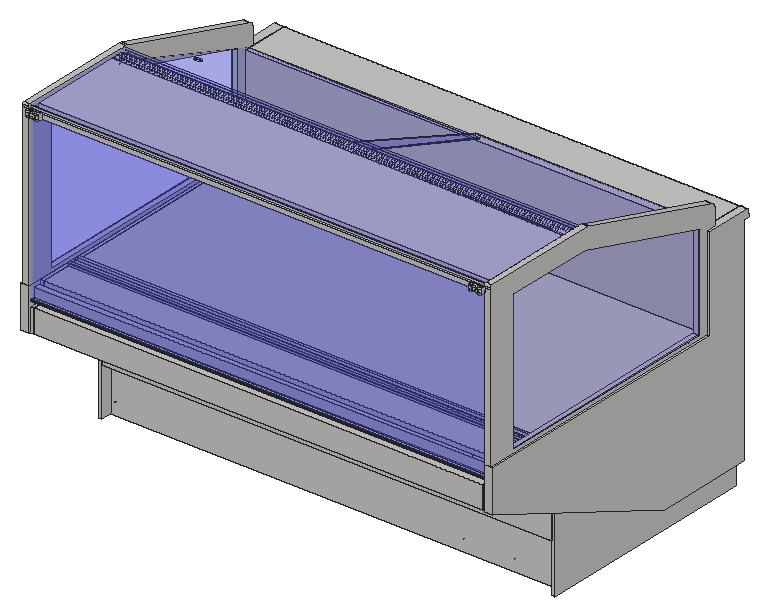
Revit family "QF_OSCARTEK_LA_CROSSE_DP1650_cat", category Specialty Equipment, Revit 2026
Family settings
  Round Connector Dimension = Use Diameter
  Part Type = Normal
  Work Plane-Based = No
  Enable Cutting in Views = No
  Always vertical = Yes
  Cut with Voids When Loaded = No
  Maintain Annotation Orientation = No
  Shared = No
  Room Calculation Point = No
Parameters
  Weight in Pounds = 639
  Watts = 650 W
  Waste Water Discharge Temperature = 0 °F
  Volts = 120 V
  URL Cutsheet = ""
  Specification by User = ""
  Specification by Manufacturer = ""
  Show Panels [instance] = yes
  Show Clearance [instance] = yes
  Serial Number = ""
  Seismic Rating = ""
  SMACNA No = ""
  Revision Code = ""
  Refrigerant Volume = 0.00 kip
  Refrigerant Type = "R404A"
  Phase = 1
  Pan Length [instance] = 6.281"
  Number of Poles = 1
  No. of Pan [instance] = 6
  NAFEM Spec ID Number = ""
  Model = "PERFORMER PDP1650"
  Min Ckt Ampacity = 0 A
  Max Overcurrent Protection = 0 A
  Masterspec = ""
  Manufacturer = "OSCARTEK"
  Length = 67 5/16"
  Item Number = ""
  Installed By = ""
  Indirect Waste Size = 1/4"
  Indirect Waste Flow = 0 GPM
  Indirect Waste Connection Type = ""
  Indirect Waste Connection Height = 0"
  Identify Quantity as Lot = yes
  Height = 45 1/4"
  HP = ""
  Furnished By = ""
  Foodservice Equipment Identifier = yes
  FL Amps = 4 A
  Electrical Remarks = ""
  Electric Connection Type = ""
  Elec Conn RI Height = 0"
  Elec Conn Connection Height = 0"
  Description = "PERFORMER DELI/PASTRY"
  Depth = 45 3/8"
  Default Elevation = 0"
  Cycle = 60 Hz
  Conn Plug = ""
  Conn Conduit = yes
  CSI MasterFormat = ""
  BTUH = 3330.0 Btu/h
  Apparent Power = 0 VA
Reference planes (in)
  plane 1 "BACK": y = 0
  plane 2: z = 0
  plane 3 "LEFT": x = 0
  plane 4 "RIGHT": x = 67.3125
  plane 5 "FRONT": y = -45.375
  plane 6 "TOP": z = 45.25
  plane 7 "Center Y": x = 33.65625
  plane 8 "Center X": y = -22.6875
  plane 9: x = 66.9375
  plane 10: z = 45.375
  plane 11: x = 0.375
  plane 12: y = -22.71965
  plane 13: y = -7.45169
  plane 14: x = 3.59375
  plane 15: x = 63.71875
  plane 16: x = 66.12552
  plane 17: x = 1.18698
  plane 18: y = -2.78789
  plane 19: z = 15.3125
Forms (in)
  Extrusion 1, solid, material "QF_Metal - Stainless - Polished"
    sketch origin (0, 0, 0) x (0, 1, 0) y (0, 0, 1)
      loop
        line (-6.875, 22.24957) -> (-43.33357, 22.24957) -> (-43.33357, 20.45949) -> (-43.88753, 19.5) -> (-45.16826, 19.5) -> (-45.16826, 16.20686) -> (-32.90949, 11.10402) -> (-32.90949, 6.9375) -> (-32.3188, 6.9375) -> (-32.3188, 7.33129) -> (-32.3507, 7.33129) -> (-32.3507, 6.96507) -> (-32.87824, 6.96507) -> (-32.87824, 11.12088) -> (-41.46031, 14.69324) -> (-41.16838, 15.39455) -> (-30.97005, 11.06562) -> (-6.875, 14.45596) -> (-6.875, 22.24957)
    from 1.68698 to 65.62552
  Extrusion 2, solid, material "QF_Metal - Stainless - Polished"
    sketch origin (0, 0, 0) x (0, 1, 0) y (0, 0, 1)
      loop
        line (-30.91289, 11.0783) -> (-30.91289, 2.08664) -> (-29.33771, 2.08664) -> (-29.33771, 1.29905) -> (-4.39457, 1.29905) -> (-4.39457, 1.9685)
        arc (-4.39457, 1.9685) -> (-4.35997, 2.05204) -> (-4.27643, 2.08664) r 0.11814
        line (-4.27643, 2.08664) -> (-3.06354, 2.08664) -> (-3.06354, 14.99227) -> (-30.91289, 11.0783)
    from 1.68698 to 65.62552
  Extrusion 3, solid, material "QF_Metal - Stainless - Polished"
    sketch origin (0, -0.06283, 0) x (0, 1, 0) y (0, 0, 1)
      loop
        line (-30.73192, 1.29905) -> (-29.39302, 1.29905)
        arc (-29.39302, 1.29905) -> (-29.30948, 1.33365) -> (-29.27488, 1.41719) r 0.11814
        line (-29.27488, 1.41719) -> (-29.27488, 1.9685)
        arc (-29.27488, 1.9685) -> (-29.30948, 2.05204) -> (-29.39302, 2.08664) r 0.11814
        line (-29.39302, 2.08664) -> (-30.73192, 2.08664)
        arc (-30.73192, 2.08664) -> (-30.81546, 2.05204) -> (-30.85006, 1.9685) r 0.11814
        line (-30.85006, 1.9685) -> (-30.85006, 1.41719)
        arc (-30.85006, 1.41719) -> (-30.81546, 1.33365) -> (-30.73192, 1.29905) r 0.11814
      loop
        line (-29.39302, 2.00788) -> (-30.73192, 2.00788)
        arc (-30.73192, 2.00788) -> (-30.75977, 1.99635) -> (-30.7713, 1.9685) r 0.03938
        line (-30.7713, 1.9685) -> (-30.7713, 1.41719)
        arc (-30.7713, 1.41719) -> (-30.75977, 1.38934) -> (-30.73192, 1.37781) r 0.03938
        line (-30.73192, 1.37781) -> (-29.39302, 1.37781)
        arc (-29.39302, 1.37781) -> (-29.36517, 1.38934) -> (-29.35364, 1.41719) r 0.03938
        line (-29.35364, 1.41719) -> (-29.35364, 1.9685)
        arc (-29.35364, 1.9685) -> (-29.36517, 1.99635) -> (-29.39302, 2.00788) r 0.03938
      loop
        line (-4.2136, 1.29905) -> (-2.8747, 1.29905)
        arc (-2.8747, 1.29905) -> (-2.79117, 1.33365) -> (-2.75656, 1.41719) r 0.11814
        line (-2.75656, 1.41719) -> (-2.75656, 1.9685)
        arc (-2.75656, 1.9685) -> (-2.79117, 2.05204) -> (-2.8747, 2.08664) r 0.11814
        line (-2.8747, 2.08664) -> (-4.2136, 2.08664)
        arc (-4.2136, 2.08664) -> (-4.29714, 2.05204) -> (-4.33174, 1.9685) r 0.11814
        line (-4.33174, 1.9685) -> (-4.33174, 1.41719)
        arc (-4.33174, 1.41719) -> (-4.29714, 1.33365) -> (-4.2136, 1.29905) r 0.11814
      loop
        line (-4.2136, 1.37781) -> (-2.8747, 1.37781)
        arc (-2.8747, 1.37781) -> (-2.84686, 1.38934) -> (-2.83532, 1.41719) r 0.03938
        line (-2.83532, 1.41719) -> (-2.83532, 1.9685)
        arc (-2.83532, 1.9685) -> (-2.84686, 1.99635) -> (-2.8747, 2.00788) r 0.03938
        line (-2.8747, 2.00788) -> (-4.2136, 2.00788)
        arc (-4.2136, 2.00788) -> (-4.24145, 1.99635) -> (-4.25298, 1.9685) r 0.03938
        line (-4.25298, 1.9685) -> (-4.25298, 1.41719)
        arc (-4.25298, 1.41719) -> (-4.24145, 1.38934) -> (-4.2136, 1.37781) r 0.03938
    from 1.68698 to 65.62552
  Extrusion 4, solid, material "QF_Metal - Stainless - Polished"
    sketch origin (0, 0, 0) x (0, 1, 0) y (0, 0, 1)
      loop
        line (-31.30668, 6.81218) -> (-31.30668, 0) -> (-30.91289, 0) -> (-30.91289, 6.81218) -> (-31.30668, 6.81218)
    from 1.68698 to 65.62552
  Extrusion 5, solid, material "QF_Metal - Stainless - Polished"
    sketch origin (67.3125, 0, 0) x (0, -1, 0) y (0, 0, 1)
      loop
        line (28.4499, 42.57314) -> (8.37911, 36.39332)
        arc (8.37911, 36.39332) -> (8.27866, 36.3221) -> (8.24015, 36.20514) r 0.1969
        line (8.24015, 36.20514) -> (8.24015, 22.73454) -> (41.40752, 22.73454) -> (41.40752, 42.57314) -> (28.4499, 42.57314)
      loop
        line (5.41468, 37.54341) -> (5.41468, 35.4375) -> (6.875, 35.4375) -> (6.875, 22.24957) -> (45.375, 22.24957) -> (45.375, 44.89259) -> (45.375, 45.1464)
        arc (45.375, 45.1464) -> (45.30805, 45.30805) -> (45.1464, 45.375) r 0.2286
        line (45.1464, 45.375) -> (28.13851, 45.375)
        arc (28.13851, 45.375) -> (27.95017, 45.36091) -> (27.76602, 45.31895) r 1.2658
        line (27.76602, 45.31895) -> (6.26864, 38.69988)
        arc (6.26864, 38.69988) -> (5.65131, 38.26221) -> (5.41468, 37.54341) r 1.21004
    from 0.375 to 1.18698
  Extrusion 6, solid, material "QF_Metal - Stainless - Polished", visible <- "Show Panels"
    sketch origin (67.3125, 0, 0) x (0, -1, 0) y (0, 0, 1)
      loop
        line (6.875, 35.4375) -> (0.03127, 35.4375)
        arc (0.03127, 35.4375) -> (0.00916, 35.42834) -> (0, 35.40623) r 0.03127
        line (0, 35.40623) -> (0, 34.3587)
        arc (0, 34.3587) -> (0.01157, 34.33078) -> (0.03949, 34.31921) r 0.03949
        line (0.03949, 34.31921) -> (0.78759, 34.31921) -> (0.78759, 3.62384) -> (14.93951, 3.62384) -> (45.375, 16.29292) -> (45.375, 22.24957) -> (6.875, 22.24957) -> (6.875, 35.4375)
    from 0 to 1.18698
  Extrusion 7, solid, material "QF_Metal - Stainless - Polished"
    sketch origin (0, 0, 0) x (0, 1, 0) y (0, 0, 1)
      loop
        line (-44.36885, 44.24283) -> (-44.36885, 44.78627)
        arc (-44.36885, 44.78627) -> (-44.37936, 44.8112) -> (-44.4043, 44.82171) r 0.03589
        line (-44.4043, 44.82171) -> (-45.33956, 44.82171)
        arc (-45.33956, 44.82171) -> (-45.36462, 44.81133) -> (-45.375, 44.78627) r 0.03544
        line (-45.375, 44.78627) -> (-45.375, 44.24283) -> (-45.18795, 44.24283) -> (-45.18795, 44.79415) -> (-44.40036, 44.79415) -> (-44.40036, 44.24283) -> (-44.36885, 44.24283)
      loop
        line (-44.38067, 20.35918) -> (-45.16826, 20.35918) -> (-45.16826, 20.25) -> (-43.78998, 20.25) -> (-43.78998, 21.77684) -> (-44.38067, 21.77684) -> (-44.38067, 20.35918)
      loop
        line (-44.28222, 21.67839) -> (-44.28222, 20.35918) -> (-43.88842, 20.35918) -> (-43.88842, 21.67839) -> (-44.28222, 21.67839)
    from 1.18698 to 66.12552
  Extrusion 8, solid, material "Glass"
    sketch origin (0, 0, 0) x (0, 1, 0) y (0, 0, 1)
      loop
        line (-44.95167, 44.79415) -> (-45.18795, 44.79415) -> (-45.18795, 20.37887) -> (-44.95167, 20.37887) -> (-44.95167, 44.79415)
      loop
        line (-44.63663, 20.37887) -> (-44.40036, 20.37887) -> (-44.40036, 44.79415) -> (-44.63663, 44.79415) -> (-44.63663, 20.37887)
    from 1.18698 to 66.12552
  Extrusion 9, solid, material "Glass"
    sketch origin (66.9375, 0, 0) x (0, 1, 0) y (0, 0, 1)
      loop
        line (-41.40752, 42.57314) -> (-41.40752, 22.73454) -> (-8.24015, 22.73454) -> (-8.24015, 36.20514)
        arc (-8.24015, 36.20514) -> (-8.27866, 36.3221) -> (-8.37911, 36.39332) r 0.1969
        line (-8.37911, 36.39332) -> (-28.4499, 42.57314) -> (-41.40752, 42.57314)
    from 0 to -0.125
  Extrusion 10, solid, material "Glass"
    sketch origin (0, 0, 0) x (0, 1, 0) y (0, 0, 1)
      loop
        line (-45.24702, 44.89259) -> (-28.31384, 44.89259) -> (-28.31384, 45.25) -> (-45.24702, 45.25) -> (-45.24702, 44.89259)
    from 1.18698 to 66.12552
  Extrusion 11, solid, material "QF_Metal - Stainless - Polished"
    sketch origin (0, 0, 0) x (0, 1, 0) y (0, 0, 1)
      loop
        line (-43.78998, 44.26252) -> (-42.76611, 44.26252) -> (-42.76611, 43.3371) -> (-41.58473, 43.3371) -> (-41.58473, 42.92362) -> (-31.24542, 42.92362) -> (-30.55847, 43.61057) -> (-30.55847, 44.89259) -> (-43.78998, 44.89259) -> (-43.78998, 44.26252)
    from 1.18698 to 66.12552
  Extrusion 12, solid, material "QF_Metal - Stainless - Polished"
    sketch origin (0, 0, 0) x (0, 1, 0) y (0, 0, 1)
      loop
        line (-30.25533, 44.80399) -> (-30.25533, 44.75289)
        arc (-30.25533, 44.75289) -> (-30.28999, 44.7093) -> (-30.33358, 44.74397) r 0.03938
        arc (-30.33358, 44.74397) -> (-30.45078, 44.7849) -> (-30.40985, 44.6677) r 0.06891
        arc (-30.40985, 44.6677) -> (-30.37518, 44.62412) -> (-30.41877, 44.58945) r 0.03938
        line (-30.41877, 44.58945) -> (-30.46987, 44.58945) -> (-30.46987, 43.9986)
        arc (-30.46987, 43.9986) -> (-30.4641, 43.98468) -> (-30.45018, 43.97891) r 0.01969
        line (-30.45018, 43.97891) -> (-29.90187, 43.97891)
        arc (-29.90187, 43.97891) -> (-29.8859, 43.9885) -> (-29.88408, 44.00704) r 0.02073
        arc (-29.88408, 44.00704) -> (-29.89591, 44.04574) -> (-29.90212, 44.08573) r 0.28403
        arc (-29.90212, 44.08573) -> (-29.86308, 44.12849) -> (-29.82337, 44.08635) r 0.03949
        arc (-29.82337, 44.08635) -> (-29.6385, 44.01063) -> (-29.71422, 44.19549) r 0.10829
        arc (-29.71422, 44.19549) -> (-29.75329, 44.23518) -> (-29.71361, 44.27425) r 0.03938
        arc (-29.71361, 44.27425) -> (-29.67327, 44.26953) -> (-29.63491, 44.25621) r 0.18705
        arc (-29.63491, 44.25621) -> (-29.61595, 44.25736) -> (-29.60678, 44.274) r 0.01969
        line (-29.60678, 44.274) -> (-29.60678, 44.7843)
        arc (-29.60678, 44.7843) -> (-29.61255, 44.79822) -> (-29.62647, 44.80399) r 0.01969
        line (-29.62647, 44.80399) -> (-30.25533, 44.80399)
      loop
        line (-29.22284, 44.34625) -> (-29.50832, 44.34625)
        arc (-29.50832, 44.34625) -> (-29.52226, 44.35203) -> (-29.52803, 44.36596) r 0.01971
        line (-29.52803, 44.36596) -> (-29.52803, 44.76456)
        arc (-29.52803, 44.76456) -> (-29.51652, 44.79244) -> (-29.48865, 44.80399) r 0.03938
        line (-29.48865, 44.80399) -> (-28.93028, 44.80399) -> (-28.93028, 44.89259) -> (-30.55847, 44.89259) -> (-30.55847, 43.61057) -> (-30.47971, 43.61057) -> (-30.47971, 43.75248) -> (-30.37142, 43.75248) -> (-30.37142, 43.81155) -> (-30.46987, 43.81155) -> (-30.46987, 43.89031) -> (-29.99731, 43.89031) -> (-29.99731, 43.81155) -> (-30.09576, 43.81155) -> (-30.09576, 43.75248) -> (-29.94317, 43.75248)
        arc (-29.94317, 43.75248) -> (-29.90978, 43.78049) -> (-29.92554, 43.82113) r 0.03744
        arc (-29.92554, 43.82113) -> (-29.94317, 43.85576) -> (-29.92059, 43.88739) r 0.03744
        line (-29.92059, 43.88739) -> (-29.60678, 43.88739) -> (-29.60678, 43.6696)
        arc (-29.60678, 43.6696) -> (-29.43734, 43.48338) -> (-29.23599, 43.63453) r 0.18705
        arc (-29.23599, 43.63453) -> (-29.2636, 43.67982) -> (-29.31138, 43.65679) r 0.0395
        arc (-29.31138, 43.65679) -> (-29.42655, 43.56288) -> (-29.52802, 43.67145) r 0.10882
        line (-29.52802, 43.67145) -> (-29.52802, 44.26753) -> (-29.2851, 44.26753)
        arc (-29.2851, 44.26753) -> (-29.09266, 44.15857) -> (-28.9308, 44.30926) r 0.18705
        arc (-28.9308, 44.30926) -> (-28.95842, 44.35455) -> (-29.0062, 44.33152) r 0.0395
        arc (-29.0062, 44.33152) -> (-29.12141, 44.23761) -> (-29.22284, 44.34625) r 0.10882
    from 1.18698 to 66.12552
  Extrusion 13, solid, material "QF_Metal - Stainless - Polished"
    sketch origin (0, 0, 0) x (0, 1, 0) y (0, 0, 1)
      loop
        line (-28.50508, 43.43961) -> (-28.4924, 43.47454) -> (-28.99252, 43.65607) -> (-28.93877, 43.80413) -> (-28.43866, 43.62261) -> (-28.42791, 43.65222)
        arc (-28.42791, 43.65222) -> (-28.42925, 43.68233) -> (-28.45149, 43.70267) r 0.03938
        line (-28.45149, 43.70267) -> (-29.24734, 43.99155)
        arc (-29.24734, 43.99155) -> (-29.45788, 43.94144) -> (-29.49523, 43.72826) r 0.1969
        arc (-29.49523, 43.72826) -> (-29.48764, 43.69918) -> (-29.48918, 43.66916) r 0.09845
        arc (-29.48918, 43.66916) -> (-29.36383, 43.5909) -> (-29.4083, 43.73182) r 0.07876
        arc (-29.4083, 43.73182) -> (-29.42949, 43.73924) -> (-29.44318, 43.75704) r 0.03938
        arc (-29.44318, 43.75704) -> (-29.41289, 43.90301) -> (-29.2675, 43.93602) r 0.13783
        line (-29.2675, 43.93602) -> (-29.10696, 43.87775)
        arc (-29.10696, 43.87775) -> (-29.08277, 43.85236) -> (-29.08841, 43.81775) r 0.03938
        arc (-29.08841, 43.81775) -> (-29.1246, 43.72082) -> (-29.10663, 43.61892) r 0.1969
        arc (-29.10663, 43.61892) -> (-29.08533, 43.5916) -> (-29.05437, 43.57606) r 0.07876
        line (-29.05437, 43.57606) -> (-28.50508, 43.43961)
      loop
        line (-28.20414, 44.09454) -> (-28.19183, 44.12844) -> (-28.68804, 44.32072) -> (-28.63428, 44.46885) -> (-28.13806, 44.27657) -> (-28.12341, 44.31693)
        arc (-28.12341, 44.31693) -> (-28.12475, 44.34704) -> (-28.14699, 44.36739) r 0.03938
        line (-28.14699, 44.36739) -> (-28.94285, 44.65626)
        arc (-28.94285, 44.65626) -> (-29.15339, 44.60615) -> (-29.19073, 44.39298) r 0.1969
        arc (-29.19073, 44.39298) -> (-29.18314, 44.36389) -> (-29.18468, 44.33387) r 0.09845
        arc (-29.18468, 44.33387) -> (-29.05933, 44.25561) -> (-29.10381, 44.39654) r 0.07876
        arc (-29.10381, 44.39654) -> (-29.125, 44.40396) -> (-29.13869, 44.42175) r 0.03938
        arc (-29.13869, 44.42175) -> (-29.10839, 44.56773) -> (-28.963, 44.60074) r 0.13783
        line (-28.963, 44.60074) -> (-28.80246, 44.54246)
        arc (-28.80246, 44.54246) -> (-28.77827, 44.51708) -> (-28.78392, 44.48247) r 0.03938
        arc (-28.78392, 44.48247) -> (-28.8201, 44.38553) -> (-28.80213, 44.28363) r 0.1969
        arc (-28.80213, 44.28363) -> (-28.78084, 44.25631) -> (-28.74988, 44.24077) r 0.07876
        line (-28.74988, 44.24077) -> (-28.20414, 44.09454)
    from 1.18698 to 66.12552
  Extrusion 14, solid, material "Glass"
    sketch origin (0, 0, 0) x (0, 1, 0) y (0, 0, 1)
      loop
        line (-5.77386, 35.44153) -> (-5.717, 35.58846) -> (-28.63428, 44.46885) -> (-28.68804, 44.32072) -> (-5.77386, 35.44153)
    from 33.05593 to 66.12552
  Extrusion 15, solid, material "Glass"
    sketch origin (0, 0, 0) x (0, 1, 0) y (0, 0, 1)
      loop
        line (-6.30758, 35.58959) -> (-28.93877, 43.80413) -> (-28.99252, 43.65607) -> (-6.36132, 35.44153) -> (-6.30758, 35.58959)
    from 1.18698 to 34.25657
  Revolve 16, solid, material "QF_Metal - Stainless - Polished"
    sketch origin (3.59375, 0, 0) x (0, 1, 0) y (0, 0, 1)
      loop
        line (-30.83413, 0) -> (-30.1253, 0) -> (-30.1253, 1.9685) -> (-30.28359, 1.9685) -> (-30.32219, 1.91337) -> (-30.36157, 1.87399) -> (-30.36157, 1.45993)
        spline (-30.36157, 1.45993) -> (-30.37994, 1.45854) -> (-30.39705, 1.45443) -> (-30.41174, 1.44791) -> (-30.42301, 1.4394) -> (-30.4301, 1.4295) -> (-30.43252, 1.41887) -> (-30.4301, 1.40824) -> (-30.42301, 1.39834) -> (-30.41174, 1.38984) -> (-30.39705, 1.38331) -> (-30.37994, 1.37921) -> (-30.36157, 1.37781)
        line (-30.36157, 1.37781) -> (-30.40095, 1.37781) -> (-30.40095, 1.26755) -> (-30.32219, 1.26755) -> (-30.32219, 0.39379) -> (-30.4994, 0.39379) -> (-30.4994, 0.22609) -> (-31.05196, 0.22609) -> (-31.09994, 0.11814) -> (-30.83413, 0)
      axis (-30.1253, 1.9685) -> (-30.1253, 0)
    angle from 0 to 360
  Revolve 17, solid, material "QF_Metal - Stainless - Polished"
    sketch origin (3.59375, 26.51832, 0) x (0, 1, 0) y (0, 0, 1)
      loop
        line (-30.83413, 0) -> (-30.1253, 0) -> (-30.1253, 1.9685) -> (-30.28359, 1.9685) -> (-30.32219, 1.91337) -> (-30.36157, 1.87399) -> (-30.36157, 1.45993)
        spline (-30.36157, 1.45993) -> (-30.37994, 1.45854) -> (-30.39705, 1.45443) -> (-30.41174, 1.44791) -> (-30.42301, 1.4394) -> (-30.4301, 1.4295) -> (-30.43252, 1.41887) -> (-30.4301, 1.40824) -> (-30.42301, 1.39834) -> (-30.41174, 1.38984) -> (-30.39705, 1.38331) -> (-30.37994, 1.37921) -> (-30.36157, 1.37781)
        line (-30.36157, 1.37781) -> (-30.40095, 1.37781) -> (-30.40095, 1.26755) -> (-30.32219, 1.26755) -> (-30.32219, 0.39379) -> (-30.4994, 0.39379) -> (-30.4994, 0.22609) -> (-31.05196, 0.22609) -> (-31.09994, 0.11814) -> (-30.83413, 0)
      axis (-30.1253, 1.9685) -> (-30.1253, 0)
    angle from 0 to 360
  Revolve 18, solid, material "QF_Metal - Stainless - Polished"
    sketch origin (63.71875, 0, 0) x (0, 1, 0) y (0, 0, -1)
      loop
        line (-30.83413, 0) -> (-31.09994, -0.11814) -> (-31.05196, -0.22609) -> (-30.4994, -0.22609) -> (-30.4994, -0.39379) -> (-30.32219, -0.39379) -> (-30.32219, -1.26755) -> (-30.40095, -1.26755) -> (-30.40095, -1.37781) -> (-30.36157, -1.37781)
        spline (-30.36157, -1.37781) -> (-30.37994, -1.37921) -> (-30.39705, -1.38331) -> (-30.41174, -1.38984) -> (-30.42301, -1.39834) -> (-30.4301, -1.40824) -> (-30.43252, -1.41887) -> (-30.4301, -1.4295) -> (-30.42301, -1.4394) -> (-30.41174, -1.44791) -> (-30.39705, -1.45443) -> (-30.37994, -1.45854) -> (-30.36157, -1.45993)
        line (-30.36157, -1.45993) -> (-30.36157, -1.87399) -> (-30.32219, -1.91337) -> (-30.28359, -1.9685) -> (-30.1253, -1.9685) -> (-30.1253, 0) -> (-30.83413, 0)
      axis (-30.1253, -1.9685) -> (-30.1253, 0)
    angle from 0 to 360
  Revolve 19, solid, material "QF_Metal - Stainless - Polished"
    sketch origin (63.71875, 26.51832, 0) x (0, 1, 0) y (0, 0, -1)
      loop
        line (-30.83413, 0) -> (-31.09994, -0.11814) -> (-31.05196, -0.22609) -> (-30.4994, -0.22609) -> (-30.4994, -0.39379) -> (-30.32219, -0.39379) -> (-30.32219, -1.26755) -> (-30.40095, -1.26755) -> (-30.40095, -1.37781) -> (-30.36157, -1.37781)
        spline (-30.36157, -1.37781) -> (-30.37994, -1.37921) -> (-30.39705, -1.38331) -> (-30.41174, -1.38984) -> (-30.42301, -1.39834) -> (-30.4301, -1.40824) -> (-30.43252, -1.41887) -> (-30.4301, -1.4295) -> (-30.42301, -1.4394) -> (-30.41174, -1.44791) -> (-30.39705, -1.45443) -> (-30.37994, -1.45854) -> (-30.36157, -1.45993)
        line (-30.36157, -1.45993) -> (-30.36157, -1.87399) -> (-30.32219, -1.91337) -> (-30.28359, -1.9685) -> (-30.1253, -1.9685) -> (-30.1253, 0) -> (-30.83413, 0)
      axis (-30.1253, -1.9685) -> (-30.1253, 0)
    angle from 0 to 360
  Extrusion 20, solid, material "QF_Metal - Stainless - Polished"
    sketch origin (0, -0.06283, 0) x (0, 1, 0) y (0, 0, 1)
      loop
        arc (-2.8747, 2.08664) -> (-2.79117, 2.05204) -> (-2.75656, 1.9685) r 0.11814
        line (-2.75656, 1.9685) -> (-2.75656, 1.41655) -> (-2.72506, 1.41655) -> (-2.72506, 5.62939)
        arc (-2.72506, 5.62939) -> (-2.73682, 5.65778) -> (-2.76521, 5.66953) r 0.04015
        line (-2.76521, 5.66953) -> (-3.00072, 5.66953) -> (-3.00072, 2.08664) -> (-2.8747, 2.08664)
    from 1.68698 to 65.62552
  Extrusion 21, solid, material "QF_Metal - Stainless - Polished"
    sketch origin (47.875, -0.06283, 0) x (0, 1, 0) y (0, 0, -1)
      loop
        line (-3.00072, -5.66953) -> (-3.00072, -14.9923) -> (-2.72506, -15.03104) -> (-2.72506, -5.70968)
        arc (-2.72506, -5.70968) -> (-2.73682, -5.68129) -> (-2.76521, -5.66953) r 0.04015
        line (-2.76521, -5.66953) -> (-3.00072, -5.66953)
    from 31.07433 to 46.18802
  Extrusion 22, solid, material "QF_Metal - Stainless - Polished"
    sketch origin (47.875, -0.06283, 0) x (0, 1, 0) y (0, 0, -1)
      loop
        line (-3.00072, -5.66953) -> (-3.00072, -14.99226) -> (-2.72506, -15.03104) -> (-2.72506, -5.70968)
        arc (-2.72506, -5.70968) -> (-2.73682, -5.68129) -> (-2.76521, -5.66953) r 0.04015
        line (-2.76521, -5.66953) -> (-3.00072, -5.66953)
    from 31.07433 to -17.75052
  Extrusion 23, solid, material "QF_Metal - Stainless - Polished"
    sketch origin (47.875, -2.78789, 1.41655) x (0, 0, 1) y (1, 0, 0)
      loop
        line (10.41644, -38.54083) -> (11.32589, -38.54083) -> (11.32589, -36.45871) -> (10.41644, -36.45871) -> (10.41644, -38.54083)
      loop
        line (11.32589, -40.51274) -> (10.93016, -40.51274) -> (10.93016, -41.04016) -> (11.32589, -41.04016) -> (11.32589, -40.51274)
      loop
        line (11.32589, -39.90267) -> (10.93016, -39.90267) -> (10.93016, -40.43008) -> (11.32589, -40.43008) -> (11.32589, -39.90267)
      loop
        line (11.32589, -39.29259) -> (10.93016, -39.29259) -> (10.93016, -39.82001) -> (11.32589, -39.82001) -> (11.32589, -39.29259)
      loop
        line (11.32589, -38.68252) -> (10.93016, -38.68252) -> (10.93016, -39.20994) -> (11.32589, -39.20994) -> (11.32589, -38.68252)
      loop
        line (10.81217, -40.51274) -> (10.41644, -40.51274) -> (10.41644, -41.04016) -> (10.81217, -41.04016) -> (10.81217, -40.51274)
      loop
        line (10.81217, -39.90267) -> (10.41644, -39.90267) -> (10.41644, -40.43008) -> (10.81217, -40.43008) -> (10.81217, -39.90267)
      loop
        line (10.81217, -39.29259) -> (10.41644, -39.29259) -> (10.41644, -39.82001) -> (10.81217, -39.82001) -> (10.81217, -39.29259)
      loop
        line (10.81217, -38.68252) -> (10.41644, -38.68252) -> (10.41644, -39.20994) -> (10.81217, -39.20994) -> (10.81217, -38.68252)
    from 0 to 0.125
  Extrusion 24, solid, material "QF_Metal - Stainless - Polished", not visible
    sketch origin (47.875, -2.78789, 1.41655) x (0, 0, 1) y (1, 0, 0)
      loop
        line (10.41644, -38.54083) -> (11.32589, -38.54083) -> (11.32589, -36.45871) -> (10.41644, -36.45871) -> (10.41644, -38.54083)
      loop
        line (11.32589, -40.51274) -> (10.93016, -40.51274) -> (10.93016, -41.04016) -> (11.32589, -41.04016) -> (11.32589, -40.51274)
      loop
        line (11.32589, -39.90267) -> (10.93016, -39.90267) -> (10.93016, -40.43008) -> (11.32589, -40.43008) -> (11.32589, -39.90267)
      loop
        line (11.32589, -39.29259) -> (10.93016, -39.29259) -> (10.93016, -39.82001) -> (11.32589, -39.82001) -> (11.32589, -39.29259)
      loop
        line (11.32589, -38.68252) -> (10.93016, -38.68252) -> (10.93016, -39.20994) -> (11.32589, -39.20994) -> (11.32589, -38.68252)
      loop
        line (10.81217, -40.51274) -> (10.41644, -40.51274) -> (10.41644, -41.04016) -> (10.81217, -41.04016) -> (10.81217, -40.51274)
      loop
        line (10.81217, -39.90267) -> (10.41644, -39.90267) -> (10.41644, -40.43008) -> (10.81217, -40.43008) -> (10.81217, -39.90267)
      loop
        line (10.81217, -39.29259) -> (10.41644, -39.29259) -> (10.41644, -39.82001) -> (10.81217, -39.82001) -> (10.81217, -39.29259)
      loop
        line (10.81217, -38.68252) -> (10.41644, -38.68252) -> (10.41644, -39.20994) -> (10.81217, -39.20994) -> (10.81217, -38.68252)
    from 0 to 0.125
  Extrusion 25, solid, material "QF_Metal - Stainless - Polished"
    sketch origin (66.98597, 0, 0) x (0, 1, 0) y (0, 0, -1)
      loop
        line (-45.375, -44.16407) -> (-45.88039, -44.16407)
        arc (-45.88039, -44.16407) -> (-45.93375, -44.18618) -> (-45.95585, -44.23954) r 0.07546
        line (-45.95585, -44.23954) -> (-45.95585, -44.77784)
        arc (-45.95585, -44.77784) -> (-45.93938, -44.84866) -> (-45.89337, -44.90495) r 0.16053
        arc (-45.89337, -44.90495) -> (-45.77423, -44.96893) -> (-45.64081, -44.99104) r 0.41348
        line (-45.64081, -44.99104) -> (-45.375, -44.99104) -> (-45.375, -44.16407)
      loop
        circle (-45.64081, -44.57756) r 0.13783
    from 0.86045 to 1.40074
  Extrusion 26, solid, material "QF_Metal - Stainless - Polished"
    sketch origin (66.40567, 0, 0) x (0, 1, 0) y (0, 0, -1)
      loop
        line (-45.375, -44.16407) -> (-45.88039, -44.16407)
        arc (-45.88039, -44.16407) -> (-45.93375, -44.18618) -> (-45.95585, -44.23954) r 0.07546
        line (-45.95585, -44.23954) -> (-45.95585, -44.77784)
        arc (-45.95585, -44.77784) -> (-45.93938, -44.84866) -> (-45.89337, -44.90495) r 0.16053
        arc (-45.89337, -44.90495) -> (-45.77423, -44.96893) -> (-45.64081, -44.99104) r 0.41348
        line (-45.64081, -44.99104) -> (-45.375, -44.99104) -> (-45.375, -44.16407)
      loop
        circle (-45.64081, -44.57756) r 0.13783
    from 0.86045 to 1.58083
  Extrusion 27, solid, material "QF_Metal - Stainless - Polished"
    sketch origin (63.38408, 0, 0) x (0, 1, 0) y (0, 0, 1)
      loop
        line (-45.375, 44.16407) -> (-45.375, 44.99104) -> (-45.64081, 44.99104)
        arc (-45.64081, 44.99104) -> (-45.77423, 44.96893) -> (-45.89337, 44.90495) r 0.41348
        arc (-45.89337, 44.90495) -> (-45.93938, 44.84866) -> (-45.95585, 44.77784) r 0.16053
        line (-45.95585, 44.77784) -> (-45.95585, 44.23954)
        arc (-45.95585, 44.23954) -> (-45.93375, 44.18618) -> (-45.88039, 44.16407) r 0.07546
        line (-45.88039, 44.16407) -> (-45.375, 44.16407)
      loop
        circle (-45.64081, 44.57756) r 0.13783
    from 0.86045 to 1.40074
  Extrusion 28, solid, material "QF_Metal - Stainless - Polished", not visible
    sketch origin (45.71579, 0, 0) x (0, 1, 0) y (0, 0, -1)
      loop
        line (-45.375, -44.16407) -> (-45.88039, -44.16407)
        arc (-45.88039, -44.16407) -> (-45.93375, -44.18618) -> (-45.95585, -44.23954) r 0.07546
        line (-45.95585, -44.23954) -> (-45.95585, -44.77784)
        arc (-45.95585, -44.77784) -> (-45.93938, -44.84866) -> (-45.89337, -44.90495) r 0.16053
        arc (-45.89337, -44.90495) -> (-45.77423, -44.96893) -> (-45.64081, -44.99104) r 0.41348
        line (-45.64081, -44.99104) -> (-45.375, -44.99104) -> (-45.375, -44.16407)
      loop
        circle (-45.64081, -44.57756) r 0.13783
    from 0.86045 to 1.40074
  Extrusion 29, solid, material "QF_Metal - Stainless - Polished", not visible
    sketch origin (45.13549, 0, 0) x (0, 1, 0) y (0, 0, -1)
      loop
        line (-45.375, -44.16407) -> (-45.88039, -44.16407)
        arc (-45.88039, -44.16407) -> (-45.93375, -44.18618) -> (-45.95585, -44.23954) r 0.07546
        line (-45.95585, -44.23954) -> (-45.95585, -44.77784)
        arc (-45.95585, -44.77784) -> (-45.93938, -44.84866) -> (-45.89337, -44.90495) r 0.16053
        arc (-45.89337, -44.90495) -> (-45.77423, -44.96893) -> (-45.64081, -44.99104) r 0.41348
        line (-45.64081, -44.99104) -> (-45.375, -44.99104) -> (-45.375, -44.16407)
      loop
        circle (-45.64081, -44.57756) r 0.13783
    from 0.86045 to 1.58083
  Extrusion 30, solid, material "QF_Metal - Stainless - Polished", not visible
    sketch origin (42.11391, 0, 0) x (0, 1, 0) y (0, 0, 1)
      loop
        line (-45.375, 44.16407) -> (-45.375, 44.99104) -> (-45.64081, 44.99104)
        arc (-45.64081, 44.99104) -> (-45.77423, 44.96893) -> (-45.89337, 44.90495) r 0.41348
        arc (-45.89337, 44.90495) -> (-45.93938, 44.84866) -> (-45.95585, 44.77784) r 0.16053
        line (-45.95585, 44.77784) -> (-45.95585, 44.23954)
        arc (-45.95585, 44.23954) -> (-45.93375, 44.18618) -> (-45.88039, 44.16407) r 0.07546
        line (-45.88039, 44.16407) -> (-45.375, 44.16407)
      loop
        circle (-45.64081, 44.57756) r 0.13783
    from 0.86045 to 1.40074
  Extrusion 31, solid, material "QF_Metal - Stainless - Polished"
    sketch origin (0.32653, 0, 0) x (0, 1, 0) y (0, 0, 1)
      loop
        line (-45.375, 44.16407) -> (-45.375, 44.99104) -> (-45.64081, 44.99104)
        arc (-45.64081, 44.99104) -> (-45.77423, 44.96893) -> (-45.89337, 44.90495) r 0.41348
        arc (-45.89337, 44.90495) -> (-45.93938, 44.84866) -> (-45.95585, 44.77784) r 0.16053
        line (-45.95585, 44.77784) -> (-45.95585, 44.23954)
        arc (-45.95585, 44.23954) -> (-45.93375, 44.18618) -> (-45.88039, 44.16407) r 0.07546
        line (-45.88039, 44.16407) -> (-45.375, 44.16407)
      loop
        circle (-45.64081, 44.57756) r 0.13783
    from 0.86045 to 1.40074
  Extrusion 32, solid, material "QF_Metal - Stainless - Polished"
    sketch origin (0.90683, 0, 0) x (0, 1, 0) y (0, 0, 1)
      loop
        line (-45.375, 44.16407) -> (-45.375, 44.99104) -> (-45.64081, 44.99104)
        arc (-45.64081, 44.99104) -> (-45.77423, 44.96893) -> (-45.89337, 44.90495) r 0.41348
        arc (-45.89337, 44.90495) -> (-45.93938, 44.84866) -> (-45.95585, 44.77784) r 0.16053
        line (-45.95585, 44.77784) -> (-45.95585, 44.23954)
        arc (-45.95585, 44.23954) -> (-45.93375, 44.18618) -> (-45.88039, 44.16407) r 0.07546
        line (-45.88039, 44.16407) -> (-45.375, 44.16407)
      loop
        circle (-45.64081, 44.57756) r 0.13783
    from 0.86045 to 1.58083
  Extrusion 33, solid, material "QF_Metal - Stainless - Polished"
    sketch origin (3.92842, 0, 0) x (0, 1, 0) y (0, 0, -1)
      loop
        line (-45.375, -44.16407) -> (-45.88039, -44.16407)
        arc (-45.88039, -44.16407) -> (-45.93375, -44.18618) -> (-45.95585, -44.23954) r 0.07546
        line (-45.95585, -44.23954) -> (-45.95585, -44.77784)
        arc (-45.95585, -44.77784) -> (-45.93938, -44.84866) -> (-45.89337, -44.90495) r 0.16053
        arc (-45.89337, -44.90495) -> (-45.77423, -44.96893) -> (-45.64081, -44.99104) r 0.41348
        line (-45.64081, -44.99104) -> (-45.375, -44.99104) -> (-45.375, -44.16407)
      loop
        circle (-45.64081, -44.57756) r 0.13783
    from 0.86045 to 1.40074
  Extrusion 34, solid, material "QF_Metal - Stainless - Polished"
    sketch origin (0, 0, 0) x (0, 1, 0) y (0, 0, 1)
      loop
        line (-39.00626, 22.52612) -> (-39.00626, 22.24957) -> (-38.94719, 22.24957) -> (-38.94719, 22.52612) -> (-39.00626, 22.52612)
      loop
        line (-38.49432, 22.52612) -> (-38.49432, 22.24957) -> (-38.43525, 22.24957) -> (-38.43525, 22.52612) -> (-38.49432, 22.52612)
      loop
        line (-37.98239, 22.52612) -> (-37.98239, 22.24957) -> (-37.92332, 22.24957) -> (-37.92332, 22.52612) -> (-37.98239, 22.52612)
      loop
        line (-37.47233, 22.24957) -> (-36.81604, 22.24957) -> (-37.02324, 22.60846) -> (-37.47233, 22.60846) -> (-37.47233, 22.24957)
    from 1.8125 to 66.12552
  Extrusion 35, solid, material "QF_Door-Drawer Clearances", visible <- "Show Clearance", detail levels coarse
    sketch origin (0, 0, 0) x (0, 1, 0) y (0, 0, 1)
      loop
        arc (-60.17544, 64.4442) -> (-69.03426, 36.86204) -> (-45.18795, 20.41189) r 24.29258
        line (-45.18795, 20.41189) -> (-45.18795, 44.79415) -> (-46.41631, 44.79415) -> (-60.17544, 64.4442)
    from 1.18698 to 66.12552
  Extrusion 36, solid, material "QF_Metal - Stainless - Polished"
    sketch origin (66.12552, 0, 0) x (0, -1, 0) y (0, 0, 1)
      loop
        line (45.16826, 16.20686) -> (45.16826, 19.5) -> (43.88753, 19.5) -> (43.33357, 20.45949) -> (43.33357, 22.24957) -> (6.875, 22.24957) -> (6.875, 14.45596) -> (0.78759, 15.3125) -> (0.78759, 0) -> (32.90949, 0) -> (32.90949, 11.10402) -> (45.16826, 16.20686)
    from 0 to 0.5
  Extrusion 37, solid, material "QF_Metal - Stainless - Polished"
    sketch origin (0, 0, 0) x (0, 1, 0) y (0, 0, 1)
      loop
        line (-6.875, 35.4375) -> (-6.875, 14.45596) -> (-0.78759, 15.3125) -> (-0.78759, 34.31921) -> (-0.03949, 34.31921)
        arc (-0.03949, 34.31921) -> (-0.01157, 34.33078) -> (0, 34.3587) r 0.03949
        line (0, 34.3587) -> (0, 35.40623)
        arc (0, 35.40623) -> (-0.00916, 35.42834) -> (-0.03127, 35.4375) r 0.03127
        line (-0.03127, 35.4375) -> (-6.875, 35.4375)
    from 1.18698 to 66.12552
  Extrusion 38, solid, material "QF_Metal - Stainless - Polished"
    sketch origin (0, 0, 0) x (0, -1, 0) y (0, 0, -1)
      loop
        line (28.4499, -42.57314) -> (41.40752, -42.57314) -> (41.40752, -22.73454) -> (8.24015, -22.73454) -> (8.24015, -36.20514)
        arc (8.24015, -36.20514) -> (8.27866, -36.3221) -> (8.37911, -36.39332) r 0.1969
        line (8.37911, -36.39332) -> (28.4499, -42.57314)
      loop
        arc (5.41468, -37.54341) -> (5.65131, -38.26221) -> (6.26864, -38.69988) r 1.21004
        line (6.26864, -38.69988) -> (27.76602, -45.31895)
        arc (27.76602, -45.31895) -> (27.95017, -45.36091) -> (28.13851, -45.375) r 1.2658
        line (28.13851, -45.375) -> (45.1464, -45.375)
        arc (45.1464, -45.375) -> (45.30805, -45.30805) -> (45.375, -45.1464) r 0.2286
        line (45.375, -45.1464) -> (45.375, -44.89259) -> (45.375, -22.24957) -> (6.875, -22.24957) -> (6.875, -35.4375) -> (5.41468, -35.4375) -> (5.41468, -37.54341)
    from 0.375 to 1.18698
  Extrusion 39, solid, material "QF_Metal - Stainless - Polished", visible <- "Show Panels"
    sketch origin (0, 0, 0) x (0, -1, 0) y (0, 0, -1)
      loop
        line (6.875, -35.4375) -> (6.875, -22.24957) -> (45.375, -22.24957) -> (45.375, -16.29292) -> (14.93951, -3.62384) -> (0.78759, -3.62384) -> (0.78759, -34.31921) -> (0.03949, -34.31921)
        arc (0.03949, -34.31921) -> (0.01157, -34.33078) -> (0, -34.3587) r 0.03949
        line (0, -34.3587) -> (0, -35.40623)
        arc (0, -35.40623) -> (0.00916, -35.42834) -> (0.03127, -35.4375) r 0.03127
        line (0.03127, -35.4375) -> (6.875, -35.4375)
    from 0 to 1.18698
  Extrusion 40, solid, material "Glass"
    sketch origin (0.375, 0, 0) x (0, 1, 0) y (0, 0, -1)
      loop
        line (-41.40752, -42.57314) -> (-28.4499, -42.57314) -> (-8.37911, -36.39332)
        arc (-8.37911, -36.39332) -> (-8.27866, -36.3221) -> (-8.24015, -36.20514) r 0.1969
        line (-8.24015, -36.20514) -> (-8.24015, -22.73454) -> (-41.40752, -22.73454) -> (-41.40752, -42.57314)
    from 0 to -0.125
  Extrusion 41, solid, material "QF_Metal - Stainless - Polished"
    sketch origin (1.18698, 0, 0) x (0, -1, 0) y (0, 0, -1)
      loop
        line (45.16826, -16.20686) -> (32.90949, -11.10402) -> (32.90949, 0) -> (0.78759, 0) -> (0.78759, -15.3125) -> (6.875, -14.45596) -> (6.875, -22.24957) -> (43.33357, -22.24957) -> (43.33357, -20.45949) -> (43.88753, -19.5) -> (45.16826, -19.5) -> (45.16826, -16.20686)
    from 0 to 0.5
  Extrusion 42, solid, material "QF_Metal - Stainless - Polished"
    sketch origin (0, -2.78789, 5.63016) x (0, 0, -1) y (-1, 0, 0)
      loop
        circle (2.22407, -9.24383) r 0.25
    from 0 to 0.125
  Extrusion 43, solid, material "QF_Metal - Stainless - Polished"
    sketch origin (0, -4.33174, 1.29905) x (-1, 0, 0) y (0, 1, 0)
      loop
        circle (-6.125, -20.16826) r 0.5
      loop
        circle (-61.1875, -20.16826) r 0.5
    from 0 to 0.5
  Extrusion 44, solid, material "QF_Metal - Stainless - Polished"
    sketch origin (0, -4.33174, 1.29905) x (-1, 0, 0) y (0, 1, 0)
      loop
        circle (-5.5, -2.85576) r 0.75
      loop
        circle (-61.8125, -2.85576) r 0.75
    from 0 to 0.125
  Revolve 45, solid, material "QF_Metal - Stainless - Polished"
    sketch origin (33.65625, 0, 0) x (0, 1, 0) y (0, 0, 1)
      loop
        line (-30.83413, 0) -> (-30.1253, 0) -> (-30.1253, 1.9685) -> (-30.28359, 1.9685) -> (-30.32219, 1.91337) -> (-30.36157, 1.87399) -> (-30.36157, 1.45993)
        spline (-30.36157, 1.45993) -> (-30.37994, 1.45854) -> (-30.39705, 1.45443) -> (-30.41174, 1.44791) -> (-30.42301, 1.4394) -> (-30.4301, 1.4295) -> (-30.43252, 1.41887) -> (-30.4301, 1.40824) -> (-30.42301, 1.39834) -> (-30.41174, 1.38984) -> (-30.39705, 1.38331) -> (-30.37994, 1.37921) -> (-30.36157, 1.37781)
        line (-30.36157, 1.37781) -> (-30.40095, 1.37781) -> (-30.40095, 1.26755) -> (-30.32219, 1.26755) -> (-30.32219, 0.39379) -> (-30.4994, 0.39379) -> (-30.4994, 0.22609) -> (-31.05196, 0.22609) -> (-31.09994, 0.11814) -> (-30.83413, 0)
      axis (-30.1253, 1.9685) -> (-30.1253, 0)
    angle from 0 to 360
  Revolve 46, solid, material "QF_Metal - Stainless - Polished"
    sketch origin (33.65625, 26.51832, 0) x (0, 1, 0) y (0, 0, 1)
      loop
        line (-30.83413, 0) -> (-30.1253, 0) -> (-30.1253, 1.9685) -> (-30.28359, 1.9685) -> (-30.32219, 1.91337) -> (-30.36157, 1.87399) -> (-30.36157, 1.45993)
        spline (-30.36157, 1.45993) -> (-30.37994, 1.45854) -> (-30.39705, 1.45443) -> (-30.41174, 1.44791) -> (-30.42301, 1.4394) -> (-30.4301, 1.4295) -> (-30.43252, 1.41887) -> (-30.4301, 1.40824) -> (-30.42301, 1.39834) -> (-30.41174, 1.38984) -> (-30.39705, 1.38331) -> (-30.37994, 1.37921) -> (-30.36157, 1.37781)
        line (-30.36157, 1.37781) -> (-30.40095, 1.37781) -> (-30.40095, 1.26755) -> (-30.32219, 1.26755) -> (-30.32219, 0.39379) -> (-30.4994, 0.39379) -> (-30.4994, 0.22609) -> (-31.05196, 0.22609) -> (-31.09994, 0.11814) -> (-30.83413, 0)
      axis (-30.1253, 1.9685) -> (-30.1253, 0)
    angle from 0 to 360
  Extrusion 47, void
    sketch origin (0, -6.30758, 35.58959) x (0, 0.939993, -0.341193) y (1, 0, 0)
      loop
        circle (-12.03796, 3.18698) r 0.5
      loop
        circle (-12.03796, 64.12552) r 0.5
    from -3 to 6
Cuts and joins
  joined: Extrusion 36, Extrusion 37
  Extrusion 47 cuts Extrusion 15
  Extrusion 47 cuts Extrusion 14
Lines and regions (in)
  symbolic lines, visible <- "Show Panels"
    curve 1: line (0, 0, 0) -> (1.18698, 0, 0)
    curve 2: line (0, 0, 0) -> (0, -45.375, 0)
    curve 3: line (0, -45.375, 0) -> (1.18698, -45.375, 0)
    curve 4: line (67.3125, 0, 0) -> (66.12552, 0, 0)
    curve 5: line (67.3125, 0, 0) -> (67.3125, -45.375, 0)
    curve 6: line (67.3125, -45.375, 0) -> (66.12552, -45.375, 0)
  symbolic lines
    curve 7: line (1.18698, 0, 0) -> (66.12552, 0, 0)
    curve 8: line (1.18698, -45.375, 0) -> (1.18698, 0, 0)
    curve 9: line (66.12552, -45.375, 0) -> (1.18698, -45.375, 0)
    curve 10: line (66.12552, 0, 0) -> (66.12552, -45.375, 0)
    curve 11: line (66.12552, -45.24702, 0) -> (1.18698, -45.24702, 0)
    curve 12: line (0.375, -45.375, 0) -> (1.18698, -45.375, 0)
    curve 13: line (0.375, -45.375, 0) -> (0.375, -5.41468, 0)
    curve 14: line (0.375, -5.41468, 0) -> (1.18698, -5.41468, 0)
    curve 15: line (66.12552, -5.41468, 0) -> (66.9375, -5.41468, 0)
    curve 16: line (66.9375, -5.41468, 0) -> (66.9375, -45.375, 0)
    curve 17: line (66.9375, -45.375, 0) -> (66.12552, -45.375, 0)
    curve 18: line (33.05593, -6.30758, 0) -> (1.18698, -6.30758, 0)
    curve 19: line (33.05593, -5.717, 0) -> (66.12552, -5.717, 0)
    curve 20: line (33.05593, -5.717, 0) -> (33.05593, -28.12105, 0)
    curve 21: line (1.18698, -28.12105, 0) -> (66.12552, -28.12105, 0)
    curve 22: line (1.18698, -28.31384, 0) -> (66.12552, -28.31384, 0)
    curve 23: line (1.18698, -45.95585, 0) -> (1.18698, -45.375, 0)
    curve 24: line (1.18698, -45.95585, 0) -> (1.72727, -45.95585, 0)
    curve 25: line (1.72727, -45.95585, 0) -> (1.72727, -45.375, 0)
    curve 26: line (1.76729, -45.95585, 0) -> (1.76729, -45.375, 0)
    curve 27: line (1.76729, -45.95585, 0) -> (2.48767, -45.95585, 0)
    curve 28: line (2.48767, -45.95585, 0) -> (2.48767, -45.375, 0)
    curve 29: line (2.52769, -45.95585, 0) -> (2.52769, -45.375, 0)
    curve 30: line (2.52769, -45.95585, 0) -> (3.06797, -45.95585, 0)
    curve 31: line (3.06797, -45.95585, 0) -> (3.06797, -45.375, 0)
    curve 32: line (66.12552, -45.95585, 0) -> (66.12552, -45.375, 0)
    curve 33: line (66.12552, -45.95585, 0) -> (64.78481, -45.95585, 0)
    curve 34: line (64.78481, -45.95585, 0) -> (64.78481, -45.375, 0)
    curve 35: line (64.24453, -45.95585, 0) -> (64.24453, -45.375, 0)
    curve 36: line (64.24453, -45.95585, 0) -> (65.58523, -45.95585, 0)
    curve 37: line (65.58523, -45.95585, 0) -> (65.58523, -45.375, 0)
    curve 38: line (65.54521, -45.95585, 0) -> (65.54521, -45.375, 0)
    curve 39: line (65.54521, -45.95585, 0) -> (64.82483, -45.95585, 0)
    curve 40: line (64.82483, -45.95585, 0) -> (64.82483, -45.375, 0)
    curve 44: spline (64.12552, -17.92875, 0) -> (63.9961, -17.91284, 0) -> (63.8755, -17.86624, 0) -> (63.77195, -17.79212, 0) -> (63.69249, -17.69555, 0) -> (63.64254, -17.58309, 0) -> (63.6255, -17.46241, 0) -> (63.64254, -17.34173, 0) -> (63.69249, -17.22927, 0) -> (63.77195, -17.13269, 0) -> (63.8755, -17.05858, 0) -> (63.9961, -17.01198, 0) -> (64.12552, -16.99607, 0)
    curve 45: spline (64.12552, -16.99607, 0) -> (64.25494, -17.01198, 0) -> (64.37553, -17.05858, 0) -> (64.47909, -17.13269, 0) -> (64.55854, -17.22927, 0) -> (64.60849, -17.34173, 0) -> (64.62553, -17.46241, 0) -> (64.60849, -17.58309, 0) -> (64.55854, -17.69555, 0) -> (64.47909, -17.79212, 0) -> (64.37553, -17.86624, 0) -> (64.25494, -17.91284, 0) -> (64.12552, -17.92875, 0)
    curve 46: spline (3.18698, -18.09317, 0) -> (3.05757, -18.07716, 0) -> (2.93698, -18.03021, 0) -> (2.83343, -17.95551, 0) -> (2.75397, -17.85817, 0) -> (2.70402, -17.74482, 0) -> (2.68698, -17.62318, 0) -> (2.70402, -17.50153, 0) -> (2.75397, -17.38818, 0) -> (2.83343, -17.29084, 0) -> (2.93698, -17.21615, 0) -> (3.05757, -17.16919, 0) -> (3.18698, -17.15318, 0)
    curve 47: spline (3.18698, -17.15318, 0) -> (3.31639, -17.16919, 0) -> (3.43698, -17.21615, 0) -> (3.54054, -17.29084, 0) -> (3.62, -17.38818, 0) -> (3.66995, -17.50153, 0) -> (3.68698, -17.62318, 0) -> (3.66995, -17.74482, 0) -> (3.62, -17.85817, 0) -> (3.54054, -17.95551, 0) -> (3.43698, -18.03021, 0) -> (3.31639, -18.07716, 0) -> (3.18698, -18.09317, 0)
  symbolic lines, style "QF_Door-Drawer Clearances"
    curve 41: line (1.18698, -70.32991, 0) -> (1.18698, -45.375, 0)
    curve 42: line (1.18698, -70.32991, 0) -> (66.12552, -70.32991, 0)
    curve 43: line (66.12552, -70.32991, 0) -> (66.12552, -45.375, 0)
Dimensions and locks (in)
  equal spacing: plane 3 "LEFT", plane 7 "Center Y", plane 4 "RIGHT"
  "Length": plane 3 "LEFT" to plane 4 "RIGHT"
  equal spacing: plane 5 "FRONT", plane 8 "Center X", plane 1 "BACK"
  "Depth": plane 5 "FRONT" to plane 1 "BACK"
  "Height": plane 6 "TOP" to level
  plane 6 "TOP" to level = 45 1/4"  (x2)
  plane 4 "RIGHT" to plane 3 "LEFT" = 67 5/16"
  locked: Extrusion 14 to plane 7 "Center Y" at 0.60032
  locked: Extrusion 15 to plane 7 "Center Y" at 0.60032
  locked: Extrusion 21 to plane 3 "LEFT" at 16.80067
  plane 11 to plane 9 = 66 9/16"
  plane 3 "LEFT" to plane 14 = 3 19/32"
  locked: plane 15 to plane 4 "RIGHT" at 3.59375
  locked: plane 9 to plane 4 "RIGHT" at 0.375
  locked: plane 3 "LEFT" to plane 11 at 0.375
  locked: plane 16 to plane 4 "RIGHT" at 1.18698
  plane 4 "RIGHT" to plane 16 = 1.18698"
  locked: cut or joined group of Extrusion 36, Extrusion 37 to plane 16 at 0.5
  plane 5 "FRONT" to plane 1 "BACK" = 45 3/8"
  Extrusion 4 to plane 18 = 28 1/8"
  plane 19 to level = 15 5/16"
  Extrusion 6 to level = 35 7/16"
  Extrusion 6 to Extrusion 6 = 6 7/8"
  plane 6 "TOP" to Extrusion 6 = 9 13/16"
  Extrusion 10 to Extrusion 10 = 16.93317"
  Extrusion 7 to plane 10 = 25 1/8"
  Extrusion 1 to Extrusion 7 = 13 5/16"
  cut or joined group of Extrusion 36, Extrusion 37 to Extrusion 7 = 3/4"
  Extrusion 1 to level = 6 15/16"
  locked: Extrusion 44 sketch curve to plane 4 "RIGHT" at 5.5
  locked: Extrusion 43 sketch curve to plane 4 "RIGHT" at 6.125
  aligned and locked: level to plane 2
  aligned and locked: Extrusion 7 to Extrusion 5
  aligned and locked: Extrusion 10 to Extrusion 5
  aligned and locked: Extrusion 11 to Extrusion 5
  aligned and locked: Extrusion 12 to Extrusion 5
  aligned and locked: Extrusion 13 to Extrusion 5
  aligned and locked: Extrusion 14 to Extrusion 5
  aligned and locked: Extrusion 6 to Extrusion 5
  aligned and locked: Extrusion 8 to Extrusion 5
  aligned and locked: Extrusion 34 to Extrusion 5
  aligned and locked: Extrusion 35 to Extrusion 5
  aligned and locked: Extrusion 20 to Extrusion 36
  aligned and locked: Extrusion 22 to Extrusion 36
  aligned and locked: Extrusion 3 to Extrusion 36
  aligned and locked: Extrusion 4 to Extrusion 36
  aligned and locked: Extrusion 2 to Extrusion 36
  aligned and locked: Extrusion 37 to Extrusion 36
  aligned and locked: Extrusion 1 to cut or joined group of Extrusion 36, Extrusion 37
  aligned and locked: Extrusion 39 to Extrusion 38
  aligned and locked: plane 14 to Revolve 17
  aligned and locked: plane 15 to Revolve 18
  aligned and locked: plane 15 to Revolve 19
  aligned and locked: Extrusion 5 to plane 16
  aligned and locked: curve 10 to plane 16
  aligned and locked: plane 16 to Extrusion 25
Automatic sketch dimensions
  Extrusion 23 sketch curve to Extrusion 23 sketch curve = 0"  (x14)
  Extrusion 23 sketch curve to Extrusion 23 sketch curve = 0.39573"  (x4)
  Extrusion 23 sketch curve to Extrusion 23 sketch curve = 0.11799"  (x3)
  Extrusion 23 sketch curve to Extrusion 23 sketch curve = 0.90945"
  Extrusion 23 sketch curve to Extrusion 23 sketch curve = 0.52742"  (x4)
  Extrusion 23 sketch curve to Extrusion 23 sketch curve = 0.08265"  (x6)
  Extrusion 23 sketch curve to Extrusion 23 sketch curve = 0.14169"
  Extrusion 23 sketch curve to Extrusion 23 sketch curve = 2.08212"
  Extrusion 24 sketch curve to Extrusion 24 sketch curve = 0"  (x14)
  Extrusion 24 sketch curve to Extrusion 24 sketch curve = 0.39573"  (x4)
  Extrusion 24 sketch curve to Extrusion 24 sketch curve = 0.11799"  (x3)
  Extrusion 24 sketch curve to Extrusion 24 sketch curve = 0.90945"
  Extrusion 24 sketch curve to Extrusion 24 sketch curve = 0.52742"  (x4)
  Extrusion 24 sketch curve to Extrusion 24 sketch curve = 0.08265"  (x6)
  Extrusion 24 sketch curve to Extrusion 24 sketch curve = 0.14169"
  Extrusion 24 sketch curve to Extrusion 24 sketch curve = 2.08212"
  Extrusion 25 sketch curve to Extrusion 25 sketch curve = 0"  (x4)
  Extrusion 25 sketch curve to Extrusion 25 sketch curve = 0.15451"
  Extrusion 25 sketch curve to Extrusion 25 sketch curve = 0.23957"
  Extrusion 25 sketch curve to Extrusion 25 sketch curve = 0.16053"
  Extrusion 25 sketch curve to Extrusion 25 sketch curve = 0.2132"
  Extrusion 25 sketch curve to Extrusion 25 sketch curve = 0.20029"
  Extrusion 25 sketch curve to Extrusion 25 sketch curve = 0.33802"
  Extrusion 26 sketch curve to Extrusion 26 sketch curve = 0"  (x4)
  Extrusion 26 sketch curve to Extrusion 26 sketch curve = 0.15451"
  Extrusion 26 sketch curve to Extrusion 26 sketch curve = 0.23957"
  Extrusion 26 sketch curve to Extrusion 26 sketch curve = 0.16053"
  Extrusion 26 sketch curve to Extrusion 26 sketch curve = 0.2132"
  Extrusion 26 sketch curve to Extrusion 26 sketch curve = 0.20029"
  Extrusion 26 sketch curve to Extrusion 26 sketch curve = 0.33802"
  Extrusion 27 sketch curve to Extrusion 27 sketch curve = 0"  (x4)
  Extrusion 27 sketch curve to Extrusion 27 sketch curve = 0.15451"
  Extrusion 27 sketch curve to Extrusion 27 sketch curve = 0.23957"
  Extrusion 27 sketch curve to Extrusion 27 sketch curve = 0.16053"
  Extrusion 27 sketch curve to Extrusion 27 sketch curve = 0.33802"
  Extrusion 27 sketch curve to Extrusion 27 sketch curve = 0.20029"
  Extrusion 25 sketch curve to Extrusion 25 sketch curve = 0.26581"
  Extrusion 26 sketch curve to Extrusion 26 sketch curve = 0.26581"
  Extrusion 27 sketch curve to Extrusion 27 sketch curve = 0.26581"
  Extrusion 27 sketch curve to Extrusion 27 sketch curve = 0.2132"
  Extrusion 28 sketch curve to Extrusion 28 sketch curve = 0"  (x4)
  Extrusion 28 sketch curve to Extrusion 28 sketch curve = 0.15451"
  Extrusion 28 sketch curve to Extrusion 28 sketch curve = 0.23957"
  Extrusion 28 sketch curve to Extrusion 28 sketch curve = 0.16053"
  Extrusion 28 sketch curve to Extrusion 28 sketch curve = 0.2132"
  Extrusion 28 sketch curve to Extrusion 28 sketch curve = 0.20029"
  Extrusion 28 sketch curve to Extrusion 28 sketch curve = 0.33802"
  Extrusion 29 sketch curve to Extrusion 29 sketch curve = 0"  (x4)
  Extrusion 29 sketch curve to Extrusion 29 sketch curve = 0.15451"
  Extrusion 29 sketch curve to Extrusion 29 sketch curve = 0.23957"
  Extrusion 29 sketch curve to Extrusion 29 sketch curve = 0.16053"
  Extrusion 29 sketch curve to Extrusion 29 sketch curve = 0.2132"
  Extrusion 29 sketch curve to Extrusion 29 sketch curve = 0.20029"
  Extrusion 29 sketch curve to Extrusion 29 sketch curve = 0.33802"
  Extrusion 30 sketch curve to Extrusion 30 sketch curve = 0"  (x4)
  Extrusion 30 sketch curve to Extrusion 30 sketch curve = 0.15451"
  Extrusion 30 sketch curve to Extrusion 30 sketch curve = 0.23957"
  Extrusion 30 sketch curve to Extrusion 30 sketch curve = 0.16053"
  Extrusion 30 sketch curve to Extrusion 30 sketch curve = 0.33802"
  Extrusion 30 sketch curve to Extrusion 30 sketch curve = 0.20029"
  Extrusion 28 sketch curve to Extrusion 28 sketch curve = 0.26581"
  Extrusion 29 sketch curve to Extrusion 29 sketch curve = 0.26581"
  Extrusion 30 sketch curve to Extrusion 30 sketch curve = 0.26581"
  Extrusion 30 sketch curve to Extrusion 30 sketch curve = 0.2132"
  curve 3 to plane 3 "LEFT" = 0"
  curve 14 to plane 11 = 0"
  plane 1 "BACK" to curve 1 = 0"
  curve 1 to plane 17 = 0"
  plane 5 "FRONT" to curve 25 = 0"
  curve 16 to plane 9 = 0"
  curve 5 to plane 4 "RIGHT" = 0"
  curve 23 to curve 24 = 0.54028"
  curve 24 to curve 26 = 0.04002"
  curve 26 to curve 27 = 0.72038"
  curve 27 to curve 29 = 0.04002"
  curve 31 to plane 14 = 0.52578"
  curve 19 to plane 7 "Center Y" = 0.60032"
  curve 36 to plane 15 = 0.52578"
  curve 35 to curve 34 = 0.54028"
  curve 33 to curve 40 = 0.04002"
  curve 39 to plane 16 = 0.5803"
  curve 38 to curve 36 = 0.04002"
  curve 29 to curve 29 = 0.58085"
  curve 38 to curve 38 = 0.58085"
  curve 38 to curve 36 = 0"
  curve 34 to curve 39 = 0"
  curve 23 to curve 8 = 0.58085"
  curve 24 to curve 26 = 0"
  curve 41 to curve 23 = 24.37406"
  plane 13 to curve 19 = 1.73469"
  curve 19 to curve 16 = 0.30232"
  plane 13 to curve 14 = 2.03701"
  curve 11 to plane 5 "FRONT" = 0.12798"
  plane 12 to curve 22 = 5.59419"
  curve 22 to curve 21 = 0.19279"
  curve 18 to curve 14 = 0.8929"
  Extrusion 1 sketch curve to plane 5 "FRONT" = 0.20674"
  Extrusion 1 sketch curve to Extrusion 1 sketch curve = 1.28073"
  Extrusion 1 sketch curve to Extrusion 1 sketch curve = 0.55396"
  Extrusion 1 sketch curve to plane 19 = 0.61926"
  Extrusion 1 sketch curve to plane 5 "FRONT" = 3.91469"
  plane 19 to Extrusion 1 sketch curve = 21/256"
  Extrusion 1 sketch curve to Extrusion 1 sketch curve = 0.29193"
  plane 12 to Extrusion 1 sketch curve = 10.18984"
  Extrusion 1 sketch curve to plane 19 = 4.19162"
  Extrusion 1 sketch curve to Extrusion 1 sketch curve = 1/32"
  Extrusion 1 sketch curve to Extrusion 1 sketch curve = 0.52754"
  Extrusion 1 sketch curve to Extrusion 1 sketch curve = 0.0319"
  Extrusion 1 sketch curve to Extrusion 1 sketch curve = 1.90819"
  plane 13 to Extrusion 1 sketch curve = 0.57669"
  Extrusion 1 sketch curve to Extrusion 1 sketch curve = 0.01685"
  Extrusion 1 sketch curve to Extrusion 1 sketch curve = 0.05526"
  Extrusion 1 sketch curve to Extrusion 1 sketch curve = 3.77273"
  Extrusion 1 sketch curve to Extrusion 1 sketch curve = 0.36623"
  Extrusion 1 sketch curve to Extrusion 1 sketch curve = 0.02757"
  Extrusion 1 sketch curve to plane 19 = 0.85654"
  plane 19 to Extrusion 1 sketch curve = 0.89436"
  Extrusion 1 sketch curve to Extrusion 1 sketch curve = 3.29314"
  Extrusion 1 sketch curve to Extrusion 1 sketch curve = 0.95949"
  plane 19 to Extrusion 1 sketch curve = 6.93707"
  plane 12 to Extrusion 2 sketch curve = 8.19324"
  Extrusion 2 sketch curve to Extrusion 2 sketch curve = 1.57518"
  Extrusion 2 sketch curve to plane 18 = 1.60668"
  Extrusion 2 sketch curve to Extrusion 2 sketch curve = 0.11814"
  Extrusion 2 sketch curve to plane 18 = 0.27566"
  level to Extrusion 2 sketch curve = 1.29905"
  Extrusion 2 sketch curve to Extrusion 2 sketch curve = 0.66945"
  Extrusion 2 sketch curve to Extrusion 2 sketch curve = 0.78759"
  Extrusion 2 sketch curve to plane 19 = 4.2342"
  Extrusion 2 sketch curve to plane 19 = 0.32023"
  Extrusion 3 sketch curve to Extrusion 3 sketch curve = 0"  (x17)
  level to Extrusion 3 sketch curve = 1.9685"
  plane 12 to Extrusion 3 sketch curve = 8.19324"
  Extrusion 3 sketch curve to Extrusion 3 sketch curve = 0.07876"  (x2)
  Extrusion 3 sketch curve to Extrusion 3 sketch curve = 0.03938"  (x6)
  Extrusion 3 sketch curve to Extrusion 3 sketch curve = 1.3389"
  Extrusion 3 sketch curve to plane 18 = 1.60668"
  Extrusion 3 sketch curve to plane 18 = 0.14964"  (x2)
  Extrusion 3 sketch curve to Extrusion 3 sketch curve = 0.55131"  (x2)
  level to Extrusion 3 sketch curve = 1.41719"
  Extrusion 4 sketch curve to level = 0"
  plane 12 to Extrusion 4 sketch curve = 8.58703"
  Extrusion 4 sketch curve to Extrusion 4 sketch curve = 0.3938"
  level to Extrusion 4 sketch curve = 6.81218"
  Extrusion 5 sketch curve to plane 10 = 0"
  Extrusion 5 sketch curve to plane 5 "FRONT" = 0"  (x2)
  Extrusion 5 sketch curve to plane 5 "FRONT" = 0.2286"
  Extrusion 5 sketch curve to plane 5 "FRONT" = 3.96748"
  Extrusion 5 sketch curve to plane 6 "TOP" = 2.67686"
  plane 12 to Extrusion 5 sketch curve = 5.73025"
  Extrusion 5 sketch curve to Extrusion 5 sketch curve = 0.31139"
  Extrusion 5 sketch curve to plane 10 = 0.05605"
  Extrusion 5 sketch curve to Extrusion 5 sketch curve = 0.37249"
  Extrusion 5 sketch curve to plane 13 = 0.98536"
